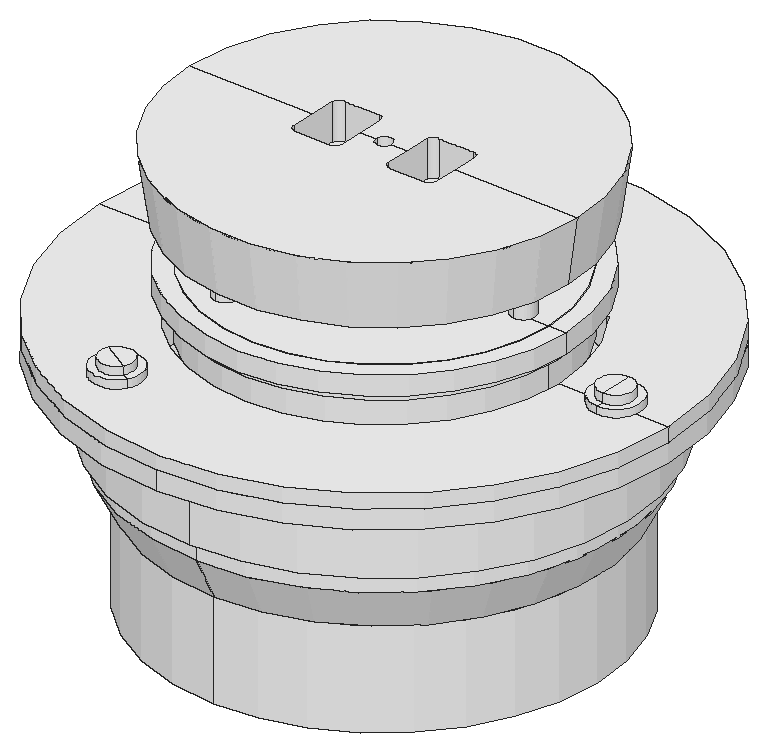
Revit family "F1100-C-TS", category Plumbing Fixtures, host Face, Revit 2018
Family settings
  Host = Face
  Round Connector Dimension = Use Radius
  Part Type = Normal
  Cut with Voids When Loaded = No
  Shared = No
  Room Calculation Point = No
Parameters (values of type "Pipe Size-6" Dia")
  WFU = 0
  URL = "WWW.MIFAB.COM"
  Threaded body = 0' - 0.88"
  Strainer Adjustment Height = 0' - 1 1/2"
  Pipe Radius = Pipe Diameter / 2  # 0' - 3"
  Pipe Diameter = 0' - 6"
  Model = "F1100-C-TS"
  Manufacturer = "MIFAB"
  Floor Drain Material = Paint - Sherwin Williams Paint - #952C2A - Bellwood Red
  Description = "TOP SET® FINISHED FLOOR DRAIN"
  Default Elevation = 0' - 0"
  CWFU = 0
  Assembly Code = ""
Types (6): name | Pipe Radius | Pipe Diameter
  (no name) | 0' - 3" | 0' - 6"
  Pipe Size-6" Dia | 0' - 3" | 0' - 6"
  Pipe Size-5" Dia | 0' - 2 1/2" | 0' - 5"
  Pipe Size-3" Dia | 0' - 1 1/2" | 0' - 3"
  Pipe Size-2" Dia | 0' - 1" | 0' - 2"
  Pipe Size-4" Dia | 0' - 2" | 0' - 4"
Reference planes (in)
  plane 1 "Center (Front/Back)": y = 0
  plane 2: z = 0
  plane 3 "Center (Left/Right)": x = 0
  plane 4: z = -5.755
  plane 5: z = -1.56875
  plane 6: y = -3
  plane 7: y = 3
  plane 8: x = -2
  plane 9: x = 2
  plane 10: z = -1.29047
  plane 11: z = -0.35625
  plane 12: z = -2.38
  plane 13: z = -1.35
  plane 14: y = -4
  plane 15: x = 4
  plane 16: x = -4
  plane 17: y = 4
  plane 18: y = -4
  plane 19: z = -0.88
  plane 20: z = -2.18
  plane 21: z = -1.5
  plane 22: z = -0.50213
  plane 23: z = -3.88
  plane 24: z = -1.64256
  plane 25: z = -1.76528
  plane 26: z = -1.88607
Forms (in)
  Revolve 1, solid, material "Paint - Sherwin Williams Paint - #952C2A - Bellwood Red" <- "Floor Drain Material"
    sketch origin (0, 0.04396, -1.56875) x (0, 1, 0) y (0, 0, 1)
      loop
        line (-3.04396, -0.81125) -> (-4.04396, -0.81125) -> (-4.04396, -1.07177) -> (-3.46716, -1.07177) -> (-3.46716, -2.00334) -> (-3.34424, -2.00334) -> (-3.34424, -2.25743) -> (-3.04396, -2.84238) -> (-3.04396, -4.18625) -> (-2.79396, -4.18625) -> (-2.79396, -2.63154) -> (-3.04396, -2.03336) -> (-3.04396, -0.81125)
      axis (-0.04396, -0.81125) -> (-0.04396, -4.18625)
    angle from 0 to 360
  Revolve 2, solid, material "Paint - Sherwin Williams Paint - #952C2A - Bellwood Red" <- "Floor Drain Material"
    sketch origin (3.20973, 3.35604, -3.28015) x (0, 1, 0) y (0, 0, 1)
      loop
        line (-3.29765, 1.32022) -> (-3.53152, 1.32022) -> (-3.53152, 1.2015) -> (-3.63503, 1.2015) -> (-3.63503, 1.10015) -> (-3.45781, 1.10015) -> (-3.45781, -0.08762) -> (-3.29765, -0.08762) -> (-3.29765, 1.32022)
      axis (-3.29765, 1.32022) -> (-3.29765, -0.08762)
    angle from 0 to 360
  Revolve 3, solid, material "Paint - Sherwin Williams Paint - #952C2A - Bellwood Red" <- "Floor Drain Material"
    sketch origin (1.39027, -4.51684, -3.1864) x (0.866025, -0.5, 0) y (0, 0, 1)
      loop
        line (-3.29765, 1.22647) -> (-3.52371, 1.22647) -> (-3.52371, 1.11835) -> (-3.62722, 1.11835) -> (-3.62722, 1.0064) -> (-3.45688, 1.0064) -> (-3.45688, -0.18137) -> (-3.29765, -0.18137) -> (-3.29765, 1.22647)
      axis (-3.29765, 1.22647) -> (-3.29765, -0.18137)
    angle from 0 to 360
  Revolve 4, solid, material "Paint - Sherwin Williams Paint - #952C2A - Bellwood Red" <- "Floor Drain Material"
    sketch origin (-4.43457, 1.11567, -3.28015) x (-0.866025, -0.5, 0) y (0, 0, 1)
      loop
        line (-3.29765, 1.32022) -> (-3.56277, 1.32022) -> (-3.56277, 1.2015) -> (-3.66628, 1.2015) -> (-3.66628, 1.10015) -> (-3.45781, 1.10015) -> (-3.45781, -0.08762) -> (-3.29765, -0.08762) -> (-3.29765, 1.32022)
      axis (-3.29765, 1.32022) -> (-3.29765, -0.08762)
    angle from 0 to 360
  Revolve 5, solid, material "Paint - Sherwin Williams Paint - #952C2A - Bellwood Red" <- "Floor Drain Material"
    sketch origin (0, 0, 2.53125) x (1, 0, 0) y (0, 0, 1)
      loop
        line (3.99992, -4.91125) -> (3.99992, -4.71125) -> (2.46373, -4.71125) -> (2.46373, -4.91125) -> (3.99992, -4.91125)
      axis (0, -4.91125) -> (0, -4.71125)
    angle from 0 to 360
  Revolve 6, solid, material "Paint - Sherwin Williams Paint - #952C2A - Bellwood Red" <- "Floor Drain Material"
    sketch origin (0, 0, 0) x (1, 0, 0) y (0, 0, 1)
      loop
        line (2.32025, -2.38) -> (2.32025, -1.88607) -> (2.435, -1.88607) -> (2.435, -1.76528) -> (2.565, -1.76528) -> (2.565, -1.5) -> (2.32025, -1.5) -> (2.32025, -1.64256) -> (2.21097, -1.64256) -> (2.21097, -2.38) -> (2.32025, -2.38)
      axis (0, -2.38) -> (0, -1.5)
    angle from 0 to 360
  Revolve 7, solid, material "Paint - Sherwin Williams Paint - #952C2A - Bellwood Red" <- "Floor Drain Material"
    sketch origin (0, 0, 0) x (1, 0, 0) y (0, 0, 1)
      loop
        line (0, 0) -> (0, -0.88) -> (2.6, -0.88) -> (2.725, 0) -> (0, 0)
      axis (0, -0.88) -> (0, 0)
    angle from 0 to 360
  Revolve 8, solid, material "Paint - Sherwin Williams Paint - #952C2A - Bellwood Red" <- "Floor Drain Material"
    sketch origin (0, 0, 0) x (1, 0, 0) y (0, 0, 1)
      loop
        line (2.32025, -1.64256) -> (2.32025, -1.5) -> (0, -1.5) -> (0, -1.64256) -> (2.32025, -1.64256)
      axis (0, -1.64256) -> (0, -1.5)
    angle from 0 to 360
  Extrusion 9, void
    sketch origin (10.02601, 2.1875, 0) x (1, 0, 0) y (0, 1, 0)
      loop
        arc (-10.92657, -1.7535) -> (-10.99689, -1.78263) -> (-11.02601, -1.85295) r 0.09945
        line (-11.02601, -1.85295) -> (-11.02601, -2.52264)
        arc (-11.02601, -2.52264) -> (-10.99706, -2.59255) -> (-10.92716, -2.6215) r 0.09886
        line (-10.92716, -2.6215) -> (-10.45059, -2.6215)
        arc (-10.45059, -2.6215) -> (-10.38069, -2.59255) -> (-10.35173, -2.52264) r 0.09886
        line (-10.35173, -2.52264) -> (-10.35173, -1.85236)
        arc (-10.35173, -1.85236) -> (-10.38069, -1.78245) -> (-10.45059, -1.7535) r 0.09886
        line (-10.45059, -1.7535) -> (-10.92657, -1.7535)
      loop
        line (-9.12546, -1.7535) -> (-9.60144, -1.7535)
        arc (-9.60144, -1.7535) -> (-9.67134, -1.78245) -> (-9.70029, -1.85236) r 0.09886
        line (-9.70029, -1.85236) -> (-9.70029, -2.52264)
        arc (-9.70029, -2.52264) -> (-9.67134, -2.59255) -> (-9.60144, -2.6215) r 0.09886
        line (-9.60144, -2.6215) -> (-9.12487, -2.6215)
        arc (-9.12487, -2.6215) -> (-9.05497, -2.59255) -> (-9.02601, -2.52264) r 0.09886
        line (-9.02601, -2.52264) -> (-9.02601, -1.85295)
        arc (-9.02601, -1.85295) -> (-9.05514, -1.78263) -> (-9.12546, -1.7535) r 0.09945
      loop
        circle (-10.02601, -2.1875) r 0.10931
    from -0.50213 to 0
  Revolve 10, solid, material "Paint - Sherwin Williams Paint - #952C2A - Bellwood Red" <- "Floor Drain Material"
    sketch origin (0, 0, -0.04688) x (1, 0, 0) y (0, 0, 1)
      loop
        line (-3.83761, -2.78267) -> (-3.83761, -3.05299) -> (-3.26797, -3.05299) -> (-3.26797, -2.70542) -> (-3.59617, -2.70542) -> (-3.67342, -2.78267) -> (-3.83761, -2.78267)
      axis (-3.26797, -3.05299) -> (-3.83761, -3.05299)
    angle from 0 to 360
Cuts and joins
  Extrusion 9 cuts Revolve 7
Lines and regions (in)
  model lines, not visible
    curve 1: line (0, -7.25, -4.65405) -> (0, -7.25, -3.90405)
    curve 2: line (0, -7.25, -3.90405) -> (0, -7.65762, -3.90405)
    curve 3: line (0, -7.25, -4.65405) -> (0, -7.65762, -4.65405)
    curve 4: line (5.65293, 0, 3.52637) -> (5.65293, 0, 4.27637)
    curve 5: line (5.65293, 0, 4.27637) -> (11.10293, 0, 4.27637)
    curve 6: line (11.10293, 0, 4.27637) -> (11.10293, 0, 3.52637)
    curve 7: line (8.37793, 0, 4.27637) -> (8.37793, 0, 3.77637)
    curve 8: line (5.65293, 0, 3.52637) -> (5.65293, 0, 4.27637)
    curve 9: line (5.65293, 0, 4.27637) -> (10.85293, 0, 4.27637)
    curve 10: line (10.85293, 0, 4.27637) -> (10.85293, 0, 3.52637)
    curve 11: line (8.25293, 0, 4.27637) -> (8.25293, 0, 3.77637)
    curve 12: line (2.89577, 0, 1.15894) -> (2.89577, 0, 1.40894)
    curve 13: line (2.89577, 0, 1.40894) -> (8.02577, 0, 1.40894)
    curve 14: line (8.02577, 0, 1.40894) -> (8.02577, 0, 1.15894)
    curve 15: line (5.46077, 0, 1.40894) -> (5.46077, 0, 1.15894)
Dimensions and locks (in)
  equal spacing: plane 7, plane 1 "Center (Front/Back)", plane 6
  "Pipe Diameter": plane 7 to plane 6
  "Pipe Radius": plane 1 "Center (Front/Back)" to plane 6
  equal spacing: plane 8, plane 3 "Center (Left/Right)", plane 9
  plane 8 to plane 9 = 0' - 4"
  level to plane 11 = 0' - 0.35625"  (x2)
  level to plane 12 = 0' - 2.38"
  locked: plane 12 to plane 4 at 3.375
  plane 10 to plane 12 = 0' - 1.08953"
  locked: plane 1 "Center (Front/Back)" to plane 14 at 4
  equal spacing: plane 16, plane 3 "Center (Left/Right)", plane 15
  plane 16 to plane 15 = 0' - 8"
  plane 18 to plane 17 = 0' - 8"
  equal spacing: plane 18, plane 1 "Center (Front/Back)", plane 17
  locked: level to plane 19 at 0.88
  locked: plane 20 to plane 12 at 0.2
  "Threaded body": plane 21 to plane 12
  "Strainer Adjustment Height": plane 19 to plane 12
  plane 21 to plane 24 to plane 25 to plane 26 = 0' - 0.14256" locked, 0' - 0.12272" locked, 0' - 0.12079" locked
  aligned and locked: plane 2 to host face
  aligned and locked: level to host face
  aligned and locked: Revolve 1 sketch curve to plane 6
  aligned and locked: Revolve 1 sketch curve to plane 12
  aligned and locked: Revolve 7 sketch curve to level
  aligned and locked: Revolve 7 sketch curve to plane 3 "Center (Left/Right)"
  aligned and locked: plane 19 to Revolve 7 sketch curve
  aligned and locked: plane 20 to Revolve 5 sketch curve
  aligned and locked: Revolve 5 sketch curve to plane 12
  aligned and locked: plane 6 to Revolve 1 sketch curve
  aligned and locked: Revolve 8 sketch curve to Revolve 6  (x2)
  aligned and locked: plane 3 "Center (Left/Right)" to Revolve 8 sketch curve
  aligned and locked: level to Extrusion 9
  aligned and locked: plane 22 to Extrusion 9
  aligned and locked: plane 21 to Revolve 6 sketch curve
  aligned and locked: plane 24 to Revolve 6 sketch curve
  aligned and locked: Revolve 6 sketch curve to plane 25
  aligned and locked: plane 26 to Revolve 6 sketch curve
Automatic sketch dimensions
  host sketch curve to host sketch curve = 8' - 0"  (x2)
  plane 1 "Center (Front/Back)" to Revolve 2 sketch curve = 0' - 0.27899"
  Revolve 2 sketch curve to Revolve 2 sketch curve = 0' - 0.10351"
  plane 1 "Center (Front/Back)" to Revolve 2 sketch curve = 0' - 0.10177"
  Revolve 2 sketch curve to plane 1 "Center (Front/Back)" = 0' - 0.05839"  (x2)
  Revolve 2 sketch curve to plane 12 = 0' - 0.98777"
  Revolve 2 sketch curve to plane 10 = 0' - 0.88953"
  Revolve 2 sketch curve to Revolve 2 sketch curve = 0' - 0.10135"
  Revolve 2 sketch curve to Revolve 2 sketch curve = 0' - 0.11871"
  Revolve 2 sketch curve to plane 12 = 0' - 1.32966"
  Revolve 2 sketch curve to Revolve 2 sketch curve = 0' - 0.0875"
  Revolve 3 sketch curve to plane 10 = 0' - 0.77758"
  Revolve 3 sketch curve to Revolve 3 sketch curve = 0' - 0.10351"
  Revolve 3 sketch curve to Revolve 3 sketch curve = 0' - 0.06683"
  Revolve 3 sketch curve to Revolve 3 sketch curve = 0' - 0.22606"
  Revolve 3 sketch curve to Revolve 3 sketch curve = 0' - 0.11195"
  Revolve 3 sketch curve to plane 12 = 0' - 0.98777"
  Revolve 3 sketch curve to Revolve 3 sketch curve = 0' - 0.10811"
  Revolve 3 sketch curve to Revolve 3 sketch curve = 0' - 0"
  Revolve 3 sketch curve to plane 12 = 0' - 1.32966"
  Revolve 3 sketch curve to Revolve 3 sketch curve = 0' - 0.0875"
  Revolve 4 sketch curve to plane 10 = 0' - 0.78817"
  Revolve 4 sketch curve to Revolve 4 sketch curve = 0' - 0.10351"
  Revolve 4 sketch curve to Revolve 4 sketch curve = 0' - 0.10496"
  Revolve 4 sketch curve to Revolve 4 sketch curve = 0' - 0.26512"
  Revolve 4 sketch curve to Revolve 4 sketch curve = 0' - 0.10135"
  Revolve 4 sketch curve to plane 12 = 0' - 0.98777"
  Revolve 4 sketch curve to Revolve 4 sketch curve = 0' - 0.22007"
  Revolve 4 sketch curve to Revolve 4 sketch curve = 0' - 0"
  Revolve 4 sketch curve to plane 12 = 0' - 1.32966"
  Revolve 4 sketch curve to Revolve 4 sketch curve = 0' - 0.0875"
  Revolve 1 sketch curve to plane 14 = 0' - 0"
  Revolve 1 sketch curve to plane 4 = 0' - 0"  (x2)
  Revolve 1 sketch curve to plane 1 "Center (Front/Back)" = 0' - 0"
  Revolve 1 sketch curve to plane 14 = 0' - 0.5768"
  Revolve 1 sketch curve to Revolve 1 sketch curve = 0' - 0.12292"
  Revolve 1 sketch curve to plane 6 = 0' - 0 1/4"
  Revolve 1 sketch curve to Revolve 1 sketch curve = 0' - 1.34387"
  Revolve 1 sketch curve to Revolve 1 sketch curve = 0' - 0.21084"
  Revolve 1 sketch curve to Revolve 1 sketch curve = 0' - 0.58495"
  Revolve 1 sketch curve to Revolve 1 sketch curve = 0' - 0.59817"
  Revolve 1 sketch curve to Revolve 1 sketch curve = 0' - 0.25409"
  Revolve 1 sketch curve to plane 12 = 0' - 0.26052"
  Revolve 1 sketch curve to plane 12 = 0' - 0 1/4"
  Revolve 7 sketch curve to plane 3 "Center (Left/Right)" = 0' - 0"
  Revolve 7 sketch curve to plane 9 = 0' - 0.6"
  Revolve 7 sketch curve to Revolve 7 sketch curve = 0' - 0 1/8"
  Revolve 7 sketch curve to Revolve 7 sketch curve = 0' - 1.64416"
  Revolve 7 sketch curve to Revolve 7 sketch curve = 0' - 0.3288"
  Revolve 5 sketch curve to plane 3 "Center (Left/Right)" = 0' - 0"
  Revolve 5 sketch curve to plane 15 = 0' - 0.00008"
  level to Revolve 5 sketch curve = 0' - 2.83819"
  Revolve 5 sketch curve to Revolve 5 sketch curve = 0' - 0 3/4"
  Revolve 5 sketch curve to plane 9 = 0' - 0.46373"
  Revolve 8 sketch curve to plane 3 "Center (Left/Right)" = 0' - 0"
  Revolve 8 sketch curve to plane 21 = 0' - 0"
  plane 10 to Revolve 8 sketch curve = 0' - 0.60576"
  Revolve 8 sketch curve to Revolve 8 sketch curve = 0' - 0.19905"
  plane 1 "Center (Front/Back)" to Extrusion 9 sketch curve = 0' - 0"
  Extrusion 9 sketch curve to plane 3 "Center (Left/Right)" = 0' - 0"
  Extrusion 9 sketch curve to plane 3 "Center (Left/Right)" = 0' - 0.32572"
  Extrusion 9 sketch curve to Extrusion 9 sketch curve = 0' - 0.09886"  (x5)
  Extrusion 9 sketch curve to Extrusion 9 sketch curve = 0' - 0.47598"  (x2)
  Extrusion 9 sketch curve to Extrusion 9 sketch curve = 0' - 0 61/128"  (x2)
  Extrusion 9 sketch curve to Extrusion 9 sketch curve = 0' - 0.09945"
  plane 3 "Center (Left/Right)" to Extrusion 9 sketch curve = 0' - 0.32572"
  plane 1 "Center (Front/Back)" to Extrusion 9 sketch curve = 0' - 0.33514"  (x2)
  Extrusion 9 sketch curve to plane 1 "Center (Front/Back)" = 0' - 0.33455"  (x2)
  Revolve 10 sketch curve to plane 16 = 0' - 0.16239"
  Revolve 10 sketch curve to Revolve 10 sketch curve = 0' - 0.16419"
  Revolve 10 sketch curve to Revolve 10 sketch curve = 0' - 0.07725"
  Revolve 10 sketch curve to Revolve 10 sketch curve = 0' - 0.3282"
  Revolve 10 sketch curve to plane 12 = 0' - 0.71986"
  Revolve 10 sketch curve to Revolve 10 sketch curve = 0' - 0.27031"
  Revolve 10 sketch curve to Revolve 10 sketch curve = 0' - 0.34757"
  plane 16 to Revolve 10 sketch curve = 0' - 0 1/4"
  Revolve 10 sketch curve to Revolve 10 sketch curve = 0' - 0.08761"
  Revolve 10 sketch curve to Revolve 10 sketch curve = 0' - 0"
  Revolve 6 sketch curve to plane 3 "Center (Left/Right)" = 0' - 0"
  Revolve 6 sketch curve to plane 12 = 0' - 0"
  Revolve 6 sketch curve to plane 9 = 0' - 0.21097"
  Revolve 6 sketch curve to Revolve 6 sketch curve = 0' - 0.10928"  (x2)
  Revolve 6 sketch curve to Revolve 6 sketch curve = 0' - 0.11475"
  Revolve 6 sketch curve to Revolve 6 sketch curve = 0' - 0.24475"
  level to Revolve 6 sketch curve = 0' - 1.39375"
  Revolve 6 sketch curve to Revolve 6 sketch curve = 0' - 0 1/4"
  radius of Extrusion 9 sketch curve = 0' - 0.10931"
Nested families (in)
  nested 1: "Family1" at (-0.88586, -1.69022, -2.38) x (-1, 0, 0) z (0, 0, 1), Height <- "Strainer Adjustment Height", type "Family1"
    with Height 0' - 1 1/2"
  nested 2: "Family1" at (-0.96342, 1.63605, -2.38) x (-1, 0, 0) z (0, 0, 1), Height <- "Strainer Adjustment Height", type "Family1"
    with Height 0' - 1 1/2"
  nested 3: "Family1" at (1.90743, 0.05193, -2.38) x (-1, 0, 0) z (0, 0, 1), Height <- "Strainer Adjustment Height", type "Family1"
    with Height 0' - 1 1/2"
Connectors (in)
  piping at (0, 0, -5.755), diameter 6, driven by "Pipe Radius"
    settings: on Revolve 1, index 1, connector inside diameter 24", connector length 0' - 0", flow factor 0, pipe flow 0 GPM, pressure drop 0.00 psi, fitting loss kfactor 0, connector angle 0.00°, fixture units 0, engagement length 0' - 0", angle of deflection 0.00°, flow configuration 0, flow direction 0, fitting loss method 0, system type 7, joint type 0, gender type 0, connector reference index -1, connector utility 0, adjustable connector no, is connector primary yes, connector description ""
  piping at (-3.83761, 0, -3.09986), diameter 0.54
    settings: on Revolve 10, index 2, connector inside diameter 24", connector length 0' - 0", flow factor 0, pipe flow 0 GPM, pressure drop 0.00 psi, fitting loss kfactor 0, connector angle 0.00°, fixture units 0, engagement length 0' - 0", angle of deflection 0.00°, flow configuration 0, flow direction 0, fitting loss method 0, system type 7, joint type 0, gender type 0, connector reference index -1, connector utility 0, adjustable connector no, is connector primary no, connector description ""
Definition of nested family "Family1"
  Parameters (values of type "Family1")
    Height [instance] = 0' - 5.90551"
    Floor Drain Material = none
    Default Elevation = 4' - 0"
  Reference planes (in)
    plane 1 "Center (Front/Back)": y = 0
    plane 2: z = 0
    plane 3 "Center (Left/Right)": x = 0
    plane 4: z = 5.90551
    plane 5: z = 5.71005
    plane 6: z = 5.77449
  Forms (in)
    Extrusion 1, solid
      sketch origin (0, 0, 0) x (1, 0, 0) y (0, 1, 0)
        loop
          line (-48, 48) -> (-48, -48) -> (48, -48) -> (48, 48) -> (-48, 48)
      from 0 to -12
    Revolve 2, solid, material <- "Floor Drain Material"
      sketch origin (0, 3.29765, 1.58762) x (0, 1, 0) y (0, 0, 1)
        loop
          line (-3.29765, 4.3179) -> (-3.78424, 4.3179) -> (-3.78424, 4.18688) -> (-3.58739, 4.18688) -> (-3.58739, 4.12244) -> (-3.45781, 4.12244) -> (-3.45781, -1.58762) -> (-3.29765, -1.58762) -> (-3.29765, 4.3179)
        axis (-3.29765, 4.3179) -> (-3.29765, -1.58762)
      angle from 0 to 360
    Extrusion 3, void
      sketch origin (0, 0, 0) x (1, 0, 0) y (0, 1, 0)
        loop
          line (-0.20612, 0.35701) -> (-0.41224, 0) -> (-0.20612, -0.35701) -> (0.20612, -0.35701) -> (0.41224, 0) -> (0.20612, 0.35701) -> (-0.20612, 0.35701)
        loop
          circle (0, 0) r 0.55805
      from 5.71005 to 5.90551
  Cuts and joins
    Extrusion 3 cuts Revolve 2
  Dimensions and locks (in)
    plane 4 to plane 5 = 0' - 0.19546"
    plane 6 to plane 5 = 0' - 0.06444"
    "Height": plane 4 to level
    aligned and locked: plane 2 to Extrusion 1
    aligned and locked: level to Extrusion 1
    aligned and locked: plane 5 to Revolve 2 sketch curve
    aligned and locked: Revolve 2 sketch curve to plane 4
    aligned and locked: plane 6 to Revolve 2 sketch curve
    aligned and locked: Extrusion 3 to Revolve 2  (x2)
  Automatic sketch dimensions
    Extrusion 1 sketch curve to Extrusion 1 sketch curve = 8' - 0"  (x2)
    plane 1 "Center (Front/Back)" to Extrusion 3 sketch curve = 0' - 0"  (x3)
    Extrusion 3 sketch curve to plane 3 "Center (Left/Right)" = 0' - 0"
    Extrusion 3 sketch curve to plane 3 "Center (Left/Right)" = 0' - 0.20612"  (x2)
    Extrusion 3 sketch curve to Extrusion 3 sketch curve = 0' - 0.20612"  (x2)
    plane 3 "Center (Left/Right)" to Extrusion 3 sketch curve = 0' - 0.20612"  (x2)
    plane 1 "Center (Front/Back)" to Extrusion 3 sketch curve = 0' - 0.35701"
    Extrusion 3 sketch curve to plane 1 "Center (Front/Back)" = 0' - 0.35701"
    Revolve 2 sketch curve to level = 0' - 0"
    Revolve 2 sketch curve to plane 1 "Center (Front/Back)" = 0' - 0"  (x2)
    plane 1 "Center (Front/Back)" to Revolve 2 sketch curve = 0' - 0 41/256"
    Revolve 2 sketch curve to Revolve 2 sketch curve = 0' - 0.12958"
    Revolve 2 sketch curve to Revolve 2 sketch curve = 0' - 0.19685"
    Revolve 2 sketch curve to Revolve 2 sketch curve = 0' - 0.3419"
    level to Revolve 2 sketch curve = 0' - 1.32033"
    radius of Extrusion 3 sketch curve = 0' - 0.55805"
